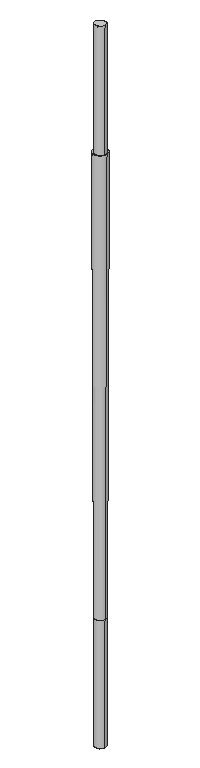
Revit family "MF_TAPER TIE 1,5 (59'')_1904418", category Generic Models, Revit 2018
Family settings
  Can host rebar = No
  Round Connector Dimension = Use Diameter
  Part Type = Normal
  OmniClass Number = 35.51.14.00
  OmniClass Title = FORMWORK
  Work Plane-Based = Yes
  Always vertical = No
  Cut with Voids When Loaded = No
  Shared = Yes
  Room Calculation Point = No
Parameters
  VERSION = "20190101"  # constant formula
  URL = "www.ulmaconstruction.com/en"
  UNICLASS = ""
  ITEM_CODE = "1904418"
  Manufacturer = "ULMA CONSTRUCTION"  # constant formula
  FILTER [instance] = ""
  Default Elevation = 0"
  CLASSIFICATION_TITLE = ""
  CLASSIFICATION_NUMBER = ""
Reference planes (in)
  plane 1 "Centro (Frontal/Posterior)": y = 0
  plane 2: z = 0
  plane 3 "Centro (Izquierda/Derecha)": x = 0
  plane 4 "LENGTH": z = -53.2126
  plane 5 "BASE": z = 5.7874
  plane 6 "ITEM_LENGTH": z = -53.2126
Forms (in)
  Blend 1, solid, material "ULMA ZINC", detail levels fine
    base sketch origin (0, 0, 0) x (1, 0, 0) y (0, 1, 0)
      loop
        circle (0, 0) r 0.62992
    top sketch origin (0, 0, 0) x (1, 0, 0) y (0, 1, 0)
      loop
        circle (0, 0) r 0.49961
    from -4.72441 to -42.70079
  Extrusion 2, solid, material "ULMA ZINC", detail levels fine
    sketch origin (0, 0, 0) x (1, 0, 0) y (0, 1, 0)
      loop
        circle (0, 0) r 0.45276
    from -4.72441 to 5.7874
  Extrusion 3, solid, material "ULMA ZINC", detail levels fine
    sketch origin (0, 0, -32.71088) x (1, 0, 0) y (0, 1, 0)
      loop
        circle (0, 0) r 0.45276
    from -20.50172 to -9.98991
  Extrusion 4, solid, material "ULMA ZINC", detail levels coarse+medium
    sketch origin (0, 0, 0) x (1, 0, 0) y (0, 1, 0)
      loop
        circle (0, 0) r 0.45276
    from 5.7874 to -53.2126
Dimensions and locks (in)
  locked: plane 5 "BASE" to plane 6 "ITEM_LENGTH" at 59
  aligned and locked: level to plane 2
  aligned and locked: Extrusion 2 to Blend 1
  aligned and locked: plane 5 "BASE" to Extrusion 2
  aligned and locked: plane 5 "BASE" to Extrusion 4
  aligned and locked: Extrusion 4 to Extrusion 3
  aligned and locked: Blend 1 to Extrusion 3
  aligned and locked: plane 6 "ITEM_LENGTH" to Extrusion 3
